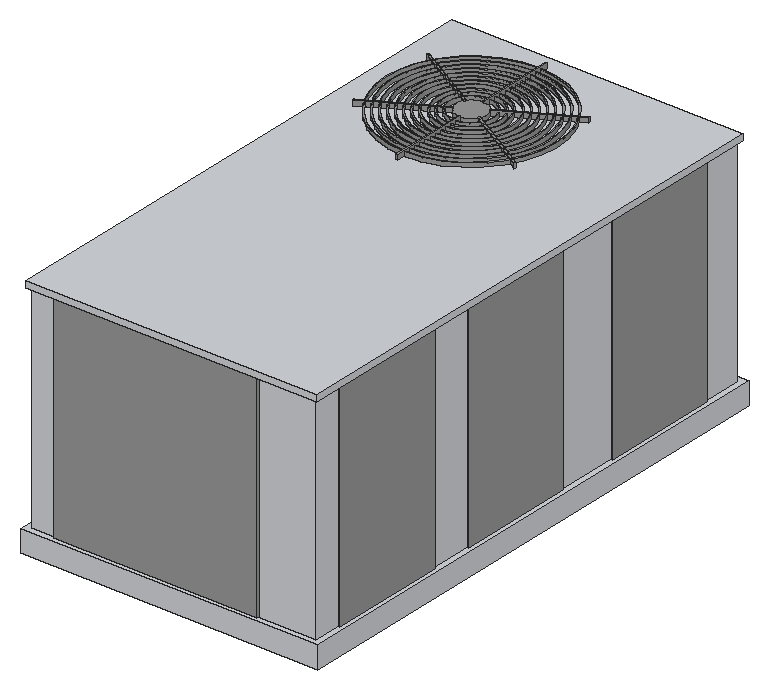
Revit family "RTU-2", category Generic Models, host Face, Revit 2025
Family settings
  Host = Face
  Can host rebar = No
  Round Connector Dimension = Use Diameter
  Part Type = Normal
  Cut with Voids When Loaded = No
  Maintain Annotation Orientation = No
  Shared = No
  Room Calculation Point = No
Parameters (values of type "LCH 072 H4E E 1Y")
  Width = 47"
  URL = "https://tech.lennoxintl.com/C03e7o14l/VIu12Ch2uV/ehb_lch_abox_2103.pdf"
  Model = "LCH 072 H4E E 1Y"
  Manufacturer = "LENNOX"
  Length = 85 1/4"
  Grill Material = Steel, Paint Finish, Dark Gray
  Default Elevation = 48"
Reference planes (in)
  plane 1 "Center (Front/Back)": y = 0
  plane 2: z = 0
  plane 3 "Center (Left/Right)": x = 0
  plane 4: x = -30.90625
  plane 5: x = -31.90625
  plane 6: x = -32.90625
  plane 7: x = -33.90625
  plane 8: x = -34.90625
  plane 9: x = -35.90625
  plane 10: x = -36.90625
  plane 11: x = -37.90625
  plane 12: x = -38.90625
  plane 13: x = -39.90625
  plane 14: x = -40.90625
  plane 15: x = -42.34375
  plane 16: x = -41.03125
  plane 17: x = -41.90625
  plane 18: x = -41.90567
  plane 19: y = 22.75058
  plane 20: y = 21.75058
  plane 21: y = 20.75058
  plane 22: y = 19.75058
  plane 23: y = 18.75058
  plane 24: y = 17.75058
  plane 25: y = 16.75058
  plane 26: y = 15.75058
  plane 27: y = 14.75058
  plane 28: y = 13.75058
  plane 29: y = 12.75058
  plane 30: y = 11.31308
  plane 31: y = 12.62558
  plane 32: y = 11.75058
  plane 33: y = 11.75117
  plane 34: through (-19.01548, 19.50279, 94.70355) normal (0.866, 0.5, 0)
  plane 35: through (-17.13782, 18.87558, 94.70355) normal (-0.866, -0.5, 0)
  plane 36: through (6.39048, 19.50279, 94.70355) normal (0.866, -0.5, 0)
  plane 37: through (4.51282, 18.87558, 94.70355) normal (-0.866, 0.5, 0)
  plane 38: y = 38.93808
  plane 39: y = 37.62558
  plane 40: through (-19.01548, 30.74838, 94.70355) normal (-0.866, 0.5, 0)
  plane 41: through (-17.13782, 31.37558, 94.70355) normal (0.866, -0.5, 0)
  plane 42: through (6.39048, 30.74838, 94.70355) normal (-0.866, -0.5, 0)
  plane 43: through (4.51282, 31.37558, 94.70355) normal (0.866, 0.5, 0)
  plane 44: through (-34.15405, 50.35923, 110.75) normal (0.5, -0.866, 0)
  plane 45: through (-34.78125, 48.48157, 110.75) normal (-0.5, 0.866, 0)
  plane 46: through (-34.15405, 24.95327, 110.75) normal (-0.5, -0.866, 0)
  plane 47: through (-34.78125, 26.83093, 110.75) normal (0.5, 0.866, 0)
  plane 48: x = -14.71875
  plane 49: x = -16.03125
  plane 50: through (-22.90845, 50.35923, 110.75) normal (0.5, 0.866, 0)
  plane 51: through (-22.28125, 48.48157, 110.75) normal (-0.5, -0.866, 0)
  plane 52: through (-22.90845, 24.95327, 110.75) normal (-0.5, 0.866, 0)
  plane 53: through (-22.28125, 26.83093, 110.75) normal (0.5, -0.866, 0)
  plane 54: y = 16.875
  plane 55: x = 14
  plane 56: y = -16.125
  plane 57: x = 16.875
Forms (in)
  Extrusion 1, solid
    sketch origin (0, 0, 0) x (1, 0, 0) y (0, 1, 0)
      loop
        line (-23.5, 42.625) -> (-23.5, -42.625) -> (23.5, -42.625) -> (23.5, 42.625) -> (-23.5, 42.625)
    from 0 to 3.5
  Extrusion 2, solid, material "Steel, Paint Finish, Dark Gray" <- "Grill Material", not visible
    sketch origin (0, 0, 54.625) x (1, 0, 0) y (0, 1, 0)
      loop
        circle (-28.53125, 37.65625) r 2.375
      loop
        circle (-28.53125, 37.65625) r 3.375
      loop
        circle (-28.53125, 37.65625) r 3.5
      loop
        circle (-28.53125, 37.65625) r 4.375
      loop
        circle (-28.53125, 37.65625) r 5.25
      loop
        circle (-28.53125, 37.65625) r 4.5
      loop
        circle (-28.53125, 37.65625) r 5.375
      loop
        circle (-28.53125, 37.65625) r 6.375
      loop
        circle (-28.53125, 37.65625) r 7.375
      loop
        circle (-28.53125, 37.65625) r 9.375
      loop
        circle (-28.53125, 37.65625) r 10.375
      loop
        circle (-28.53125, 37.65625) r 11.375
      loop
        circle (-28.53125, 37.65625) r 12.375
      loop
        circle (-28.53125, 37.65625) r 12.5
      loop
        circle (-28.53125, 37.65625) r 7.5
      loop
        circle (-28.53125, 37.65625) r 9.5
      loop
        circle (-28.53125, 37.65625) r 10.5
      loop
        circle (-28.53125, 37.65625) r 11.5
      loop
        circle (-28.53125, 37.65625) r 8.375
      loop
        circle (-28.53125, 37.65625) r 8.5
      loop
        circle (-28.53125, 37.65625) r 6.5
      loop
        circle (-28.53125, 37.65625) r 13.375
      loop
        circle (-28.53125, 37.65625) r 13.5
    from 0 to 0.625
  Extrusion 3, solid, material "Steel, Paint Finish, Dark Gray" <- "Grill Material", not visible
    sketch origin (0, 0, 55.75) x (1, 0, 0) y (0, 1, 0)
      loop
        line (-43.28067, 37.78125) -> (-43.28067, 37.53125) -> (-30.90296, 37.53125)
        arc (-30.90296, 37.53125) -> (-30.90543, 37.59373) -> (-30.90625, 37.65625) r 2.375
        arc (-30.90625, 37.65625) -> (-30.90543, 37.71877) -> (-30.90296, 37.78125) r 2.375
        line (-30.90296, 37.78125) -> (-43.28067, 37.78125)
    from -1.125 to -0.3427
  Extrusion 4, solid, material "Steel, Paint Finish, Dark Gray" <- "Grill Material"
    sketch origin (31.34375, 53.65683, 38.57855) x (0, 1, 0) y (-1, 0, 0)
      loop
        circle (-28.53125, 37.65625) r 2.375
      loop
        circle (-28.53125, 37.65625) r 3.375
      loop
        circle (-28.53125, 37.65625) r 3.5
      loop
        circle (-28.53125, 37.65625) r 4.375
      loop
        circle (-28.53125, 37.65625) r 5.25
      loop
        circle (-28.53125, 37.65625) r 4.5
      loop
        circle (-28.53125, 37.65625) r 5.375
      loop
        circle (-28.53125, 37.65625) r 6.375
      loop
        circle (-28.53125, 37.65625) r 7.375
      loop
        circle (-28.53125, 37.65625) r 9.375
      loop
        circle (-28.53125, 37.65625) r 10.375
      loop
        circle (-28.53125, 37.65625) r 11.375
      loop
        circle (-28.53125, 37.65625) r 12.375
      loop
        circle (-28.53125, 37.65625) r 12.5
      loop
        circle (-28.53125, 37.65625) r 7.5
      loop
        circle (-28.53125, 37.65625) r 9.5
      loop
        circle (-28.53125, 37.65625) r 10.5
      loop
        circle (-28.53125, 37.65625) r 11.5
      loop
        circle (-28.53125, 37.65625) r 8.375
      loop
        circle (-28.53125, 37.65625) r 8.5
      loop
        circle (-28.53125, 37.65625) r 6.5
      loop
        circle (-28.53125, 37.65625) r 13.375
      loop
        circle (-28.53125, 37.65625) r 13.5
    from 0 to 0.625
  Extrusion 5, solid, material "Steel, Paint Finish, Dark Gray" <- "Grill Material"
    sketch origin (31.34375, 53.65683, 39.70355) x (0, 1, 0) y (-1, 0, 0)
      loop
        line (-43.28067, 37.78125) -> (-43.28067, 37.53125) -> (-30.90296, 37.53125)
        arc (-30.90296, 37.53125) -> (-30.90543, 37.59373) -> (-30.90625, 37.65625) r 2.375
        arc (-30.90625, 37.65625) -> (-30.90543, 37.71877) -> (-30.90296, 37.78125) r 2.375
        line (-30.90296, 37.78125) -> (-43.28067, 37.78125)
    from -1.125 to -0.3427
  Extrusion 6, solid, material "Steel, Paint Finish, Dark Gray" <- "Grill Material"
    sketch origin (37.22441, 6.77994, 39.70355) x (0.866025, 0.5, 0) y (-0.5, 0.866025, 0)
      loop
        line (-43.28067, 37.78125) -> (-43.28067, 37.53125) -> (-30.90296, 37.53125)
        arc (-30.90296, 37.53125) -> (-30.90543, 37.59373) -> (-30.90625, 37.65625) r 2.375
        arc (-30.90625, 37.65625) -> (-30.90543, 37.71877) -> (-30.90296, 37.78125) r 2.375
        line (-30.90296, 37.78125) -> (-43.28067, 37.78125)
    from -1.125 to -0.3427
  Extrusion 7, solid, material "Steel, Paint Finish, Dark Gray" <- "Grill Material"
    sketch origin (-49.84941, 6.77994, 39.70355) x (-0.866025, 0.5, 0) y (-0.5, -0.866025, 0)
      loop
        line (-43.28067, -37.78125) -> (-30.90296, -37.78125)
        arc (-30.90296, -37.78125) -> (-30.90543, -37.71877) -> (-30.90625, -37.65625) r 2.375
        arc (-30.90625, -37.65625) -> (-30.90543, -37.59373) -> (-30.90296, -37.53125) r 2.375
        line (-30.90296, -37.53125) -> (-43.28067, -37.53125) -> (-43.28067, -37.78125)
    from -1.125 to -0.3427
  Extrusion 8, solid, material "Steel, Paint Finish, Dark Gray" <- "Grill Material"
    sketch origin (31.34375, -3.40567, 39.70355) x (0, -1, 0) y (1, 0, 0)
      loop
        line (-43.28067, -37.78125) -> (-30.90296, -37.78125)
        arc (-30.90296, -37.78125) -> (-30.90543, -37.71877) -> (-30.90625, -37.65625) r 2.375
        arc (-30.90625, -37.65625) -> (-30.90543, -37.59373) -> (-30.90296, -37.53125) r 2.375
        line (-30.90296, -37.53125) -> (-43.28067, -37.53125) -> (-43.28067, -37.78125)
    from -1.125 to -0.3427
  Extrusion 9, solid, material "Steel, Paint Finish, Dark Gray" <- "Grill Material"
    sketch origin (37.22441, 43.47123, 39.70355) x (0.866025, -0.5, 0) y (0.5, 0.866025, 0)
      loop
        line (-43.28067, -37.78125) -> (-30.90296, -37.78125)
        arc (-30.90296, -37.78125) -> (-30.90543, -37.71877) -> (-30.90625, -37.65625) r 2.375
        arc (-30.90625, -37.65625) -> (-30.90543, -37.59373) -> (-30.90296, -37.53125) r 2.375
        line (-30.90296, -37.53125) -> (-43.28067, -37.53125) -> (-43.28067, -37.78125)
    from -1.125 to -0.3427
  Extrusion 10, solid, material "Steel, Paint Finish, Dark Gray" <- "Grill Material"
    sketch origin (-49.84941, 43.47123, 39.70355) x (-0.866025, -0.5, 0) y (0.5, -0.866025, 0)
      loop
        line (-43.28067, 37.78125) -> (-43.28067, 37.53125) -> (-30.90296, 37.53125)
        arc (-30.90296, 37.53125) -> (-30.90543, 37.59373) -> (-30.90625, 37.65625) r 2.375
        arc (-30.90625, 37.65625) -> (-30.90543, 37.71877) -> (-30.90296, 37.78125) r 2.375
        line (-30.90296, 37.78125) -> (-43.28067, 37.78125)
    from -1.125 to -0.3427
  Extrusion 11, solid, material "Steel, Paint Finish, Dark Gray" <- "Grill Material", not visible
    sketch origin (-46.87689, -5.88066, 55.75) x (0.5, -0.866025, 0) y (0.866025, 0.5, 0)
      loop
        line (-43.28067, 37.78125) -> (-43.28067, 37.53125) -> (-30.90296, 37.53125)
        arc (-30.90296, 37.53125) -> (-30.90543, 37.59373) -> (-30.90625, 37.65625) r 2.375
        arc (-30.90625, 37.65625) -> (-30.90543, 37.71877) -> (-30.90296, 37.78125) r 2.375
        line (-30.90296, 37.78125) -> (-43.28067, 37.78125)
    from -1.125 to -0.3427
  Extrusion 12, solid, material "Steel, Paint Finish, Dark Gray" <- "Grill Material", not visible
    sketch origin (-46.87689, 81.19316, 55.75) x (0.5, 0.866025, 0) y (-0.866025, 0.5, 0)
      loop
        line (-43.28067, -37.78125) -> (-30.90296, -37.78125)
        arc (-30.90296, -37.78125) -> (-30.90543, -37.71877) -> (-30.90625, -37.65625) r 2.375
        arc (-30.90625, -37.65625) -> (-30.90543, -37.59373) -> (-30.90296, -37.53125) r 2.375
        line (-30.90296, -37.53125) -> (-43.28067, -37.53125) -> (-43.28067, -37.78125)
    from -1.125 to -0.3427
  Extrusion 13, solid, material "Steel, Paint Finish, Dark Gray" <- "Grill Material", not visible
    sketch origin (-57.0625, 0, 55.75) x (-1, 0, 0) y (0, -1, 0)
      loop
        line (-43.28067, -37.78125) -> (-30.90296, -37.78125)
        arc (-30.90296, -37.78125) -> (-30.90543, -37.71877) -> (-30.90625, -37.65625) r 2.375
        arc (-30.90625, -37.65625) -> (-30.90543, -37.59373) -> (-30.90296, -37.53125) r 2.375
        line (-30.90296, -37.53125) -> (-43.28067, -37.53125) -> (-43.28067, -37.78125)
    from -1.125 to -0.3427
  Extrusion 14, solid, material "Steel, Paint Finish, Dark Gray" <- "Grill Material", not visible
    sketch origin (-10.18561, -5.88066, 55.75) x (-0.5, -0.866025, 0) y (0.866025, -0.5, 0)
      loop
        line (-43.28067, -37.78125) -> (-30.90296, -37.78125)
        arc (-30.90296, -37.78125) -> (-30.90543, -37.71877) -> (-30.90625, -37.65625) r 2.375
        arc (-30.90625, -37.65625) -> (-30.90543, -37.59373) -> (-30.90296, -37.53125) r 2.375
        line (-30.90296, -37.53125) -> (-43.28067, -37.53125) -> (-43.28067, -37.78125)
    from -1.125 to -0.3427
  Extrusion 15, solid, material "Steel, Paint Finish, Dark Gray" <- "Grill Material", not visible
    sketch origin (-10.18561, 81.19316, 55.75) x (-0.5, 0.866025, 0) y (-0.866025, -0.5, 0)
      loop
        line (-43.28067, 37.78125) -> (-43.28067, 37.53125) -> (-30.90296, 37.53125)
        arc (-30.90296, 37.53125) -> (-30.90543, 37.59373) -> (-30.90625, 37.65625) r 2.375
        arc (-30.90625, 37.65625) -> (-30.90543, 37.71877) -> (-30.90296, 37.78125) r 2.375
        line (-30.90296, 37.78125) -> (-43.28067, 37.78125)
    from -1.125 to -0.3427
  Extrusion 16, solid
    sketch origin (0, 0, 0) x (1, 0, 0) y (0, 1, 0)
      loop
        line (-22.5, 41.625) -> (-22.5, -41.625) -> (22.5, -41.625) -> (22.5, 41.625) -> (-22.5, 41.625)
    from 3.5 to 37.57855
  Extrusion 17, void
    sketch origin (0, 0, 0) x (1, 0, 0) y (0, 1, 0)
      loop
        line (-18.5, 8.25) -> (-18.5, -9.75) -> (1.5, -9.75) -> (1.5, 8.25) -> (-18.5, 8.25)
      loop
        line (-16.5, -26) -> (-16.5, -37) -> (12.5, -37) -> (12.5, -26) -> (-16.5, -26)
      loop
        arc (13.5, 20.875) -> (12.79289, 20.58211) -> (12.5, 19.875) r 1
        line (12.5, 19.875) -> (12.5, 13.875)
        arc (12.5, 13.875) -> (12.79289, 13.16789) -> (13.5, 12.875) r 1
        line (13.5, 12.875) -> (14.5, 12.875)
        arc (14.5, 12.875) -> (15.20711, 13.16789) -> (15.5, 13.875) r 1
        line (15.5, 13.875) -> (15.5, 19.875)
        arc (15.5, 19.875) -> (15.20711, 20.58211) -> (14.5, 20.875) r 1
        line (14.5, 20.875) -> (13.5, 20.875)
      loop
        circle (16.875, -16.125) r 1
    from 0 to 3.5
  Extrusion 18, solid
    sketch origin (0, 0, 0) x (1, 0, 0) y (0, 1, 0)
      loop
        line (-23, 42.125) -> (-23, -42.125) -> (23, -42.125) -> (23, 42.125) -> (-23, 42.125)
    from 37.57855 to 38.57855
  Extrusion 19, void
    sketch origin (0, 0, 0) x (0, 1, 0) y (0, 0, 1)
      loop
        line (39.875, 37.57855) -> (10.37617, 37.57855) -> (10.37617, 3.5) -> (39.875, 3.5) -> (39.875, 37.57855)
    from -23.5 to -21.24899
Cuts and joins
  Extrusion 17, Extrusion 19 cuts Extrusion 1
  Extrusion 17, Extrusion 19 cuts Extrusion 16
  Extrusion 19 cuts Extrusion 18
Dimensions and locks (in)
  equal spacing: Extrusion 1 sketch curve, plane 1 "Center (Front/Back)", Extrusion 1 sketch curve
  equal spacing: Extrusion 1 sketch curve, plane 3 "Center (Left/Right)", Extrusion 1 sketch curve
  "Width": Extrusion 1 sketch curve to Extrusion 1 sketch curve
  "Length": Extrusion 1 sketch curve to Extrusion 1 sketch curve
  Extrusion 1 to Extrusion 17 sketch curve = 5 5/8"
  Extrusion 1 to Extrusion 17 sketch curve = 7"
  Extrusion 1 to Extrusion 17 sketch curve = 5"
  Extrusion 1 to plane 54 = 25 3/4"
  plane 55 to Extrusion 1 = 9 1/2"
  plane 57 to Extrusion 1 = 6 5/8"
  plane 56 to Extrusion 1 = 26 1/2"
  nested 5 to level = 5 1/2"
  nested 5 to Extrusion 18 = 2"
  nested 6 to nested 5 = 18 3/8"
  aligned and locked: plane 2 to host face
  aligned and locked: level to host face
Automatic sketch dimensions
  host sketch curve to host sketch curve = 96"  (x2)
  Extrusion 4 sketch curve to Extrusion 4 sketch curve = 0"  (x297)
  Extrusion 5 sketch curve to Extrusion 5 sketch curve = 2.37171"
  Extrusion 6 sketch curve to Extrusion 6 sketch curve = 2.37171"
  Extrusion 6 sketch curve to plane 34 = 0.93692"
  Extrusion 7 sketch curve to Extrusion 7 sketch curve = 2.37171"
  Extrusion 7 sketch curve to Extrusion 7 sketch curve = 0"  (x3)
  Extrusion 7 sketch curve to plane 36 = 0.93692"
  Extrusion 7 sketch curve to Extrusion 7 sketch curve = 1/8"
  Extrusion 8 sketch curve to Extrusion 8 sketch curve = 2.37171"
  Extrusion 8 sketch curve to plane 38 = 0.93692"
  Extrusion 9 sketch curve to Extrusion 9 sketch curve = 2.37171"
  Extrusion 9 sketch curve to Extrusion 9 sketch curve = 0"  (x3)
  Extrusion 9 sketch curve to plane 40 = 0.93692"
  Extrusion 9 sketch curve to Extrusion 9 sketch curve = 1/8"
  Extrusion 10 sketch curve to Extrusion 10 sketch curve = 2.37171"
  Extrusion 10 sketch curve to plane 42 = 0.93692"
  Extrusion 2 sketch curve to Extrusion 2 sketch curve = 0"  (x297)
  Extrusion 3 sketch curve to Extrusion 3 sketch curve = 2.37171"
  Extrusion 4 sketch curve to plane 19 = 2 3/8"
  Extrusion 5 sketch curve to Extrusion 5 sketch curve = 0"  (x3)
  Extrusion 5 sketch curve to plane 31 = 10.12829"
  Extrusion 6 sketch curve to Extrusion 6 sketch curve = 0"  (x3)
  Extrusion 6 sketch curve to plane 35 = 10.12829"
  Extrusion 6 sketch curve to Extrusion 6 sketch curve = 1/8"
  Extrusion 7 sketch curve to plane 37 = 10.12829"
  Extrusion 8 sketch curve to Extrusion 8 sketch curve = 0"  (x4)
  Extrusion 8 sketch curve to plane 39 = 10.12829"
  Extrusion 9 sketch curve to plane 41 = 10.12829"
  Extrusion 10 sketch curve to Extrusion 10 sketch curve = 0"  (x3)
  Extrusion 10 sketch curve to plane 43 = 10.12829"
  Extrusion 10 sketch curve to Extrusion 10 sketch curve = 1/8"
  Extrusion 5 sketch curve to plane 30 = 0.93692"
  Extrusion 5 sketch curve to Extrusion 5 sketch curve = 1/8"
  plane 33 to Extrusion 6 sketch curve = 5.89145"
  plane 33 to Extrusion 7 sketch curve = 12.29681"
  Extrusion 8 sketch curve to Extrusion 8 sketch curve = 1/8"
  plane 33 to Extrusion 9 sketch curve = 14.45202"
  plane 33 to Extrusion 10 sketch curve = 20.85738"
  Extrusion 2 sketch curve to plane 4 = 2 3/8"
  Extrusion 3 sketch curve to Extrusion 3 sketch curve = 0"  (x3)
  Extrusion 3 sketch curve to plane 16 = 10.12829"
  Extrusion 11 sketch curve to Extrusion 11 sketch curve = 0"  (x3)
  Extrusion 11 sketch curve to plane 45 = 10.12829"
  Extrusion 11 sketch curve to Extrusion 11 sketch curve = 1/8"
  Extrusion 12 sketch curve to Extrusion 12 sketch curve = 0"  (x2)
  Extrusion 12 sketch curve to plane 47 = 10.12829"
  Extrusion 13 sketch curve to Extrusion 13 sketch curve = 0"  (x4)
  Extrusion 13 sketch curve to plane 49 = 10.12829"
  Extrusion 14 sketch curve to Extrusion 14 sketch curve = 0"  (x2)
  Extrusion 14 sketch curve to plane 51 = 10.12829"
  Extrusion 15 sketch curve to Extrusion 15 sketch curve = 0"  (x3)
  Extrusion 15 sketch curve to plane 53 = 10.12829"
  Extrusion 15 sketch curve to Extrusion 15 sketch curve = 1/8"
  Extrusion 3 sketch curve to plane 15 = 0.93692"
  Extrusion 3 sketch curve to Extrusion 3 sketch curve = 1/8"
  plane 18 to Extrusion 11 sketch curve = 5.89145"
  plane 18 to Extrusion 12 sketch curve = 12.29681"
  Extrusion 13 sketch curve to Extrusion 13 sketch curve = 1/8"
  plane 18 to Extrusion 14 sketch curve = 14.45202"
  plane 18 to Extrusion 15 sketch curve = 20.85738"
  Extrusion 16 sketch curve to plane 3 "Center (Left/Right)" = 22 1/2"
  plane 3 "Center (Left/Right)" to Extrusion 16 sketch curve = 22 1/2"
  plane 1 "Center (Front/Back)" to Extrusion 16 sketch curve = 41 5/8"
  plane 33 to Extrusion 16 sketch curve = 29.87383"
  Extrusion 17 sketch curve to plane 56 = 0"
  Extrusion 17 sketch curve to plane 57 = 0"
  plane 3 "Center (Left/Right)" to Extrusion 17 sketch curve = 1 1/2"
  Extrusion 17 sketch curve to plane 55 = 1 1/2"  (x2)
  Extrusion 17 sketch curve to plane 55 = 1/2"  (x2)
  plane 55 to Extrusion 17 sketch curve = 1/2"  (x2)
  Extrusion 17 sketch curve to Extrusion 17 sketch curve = 1"
  Extrusion 17 sketch curve to plane 56 = 9 7/8"
  plane 56 to Extrusion 17 sketch curve = 6 3/8"
  Extrusion 17 sketch curve to plane 33 = 3.50117"
  plane 33 to Extrusion 17 sketch curve = 1.12383"
  plane 54 to Extrusion 17 sketch curve = 3"
  Extrusion 18 sketch curve to plane 3 "Center (Left/Right)" = 23"
  plane 3 "Center (Left/Right)" to Extrusion 18 sketch curve = 23"
  plane 1 "Center (Front/Back)" to Extrusion 18 sketch curve = 42 1/8"
  plane 33 to Extrusion 18 sketch curve = 30.37383"
  Extrusion 19 sketch curve to plane 33 = 1 3/8"
  level to Extrusion 19 sketch curve = 3 1/2"
  plane 33 to Extrusion 19 sketch curve = 28.12383"
  Extrusion 19 sketch curve to Extrusion 19 sketch curve = 34.07855"
  radius of Extrusion 4 sketch curve = 2 3/8"
  radius of Extrusion 4 sketch curve = 3 3/8"
  radius of Extrusion 4 sketch curve = 3 1/2"
  radius of Extrusion 4 sketch curve = 4 3/8"
  radius of Extrusion 4 sketch curve = 5 1/4"
  radius of Extrusion 4 sketch curve = 4 1/2"
  radius of Extrusion 4 sketch curve = 5 3/8"
  radius of Extrusion 4 sketch curve = 6 3/8"
  radius of Extrusion 4 sketch curve = 7 3/8"
  radius of Extrusion 4 sketch curve = 9 3/8"
  radius of Extrusion 4 sketch curve = 10 3/8"
  radius of Extrusion 4 sketch curve = 11 3/8"
  radius of Extrusion 4 sketch curve = 12 3/8"
  radius of Extrusion 4 sketch curve = 12 1/2"
  radius of Extrusion 4 sketch curve = 7 1/2"
  radius of Extrusion 4 sketch curve = 9 1/2"
  radius of Extrusion 4 sketch curve = 10 1/2"
  radius of Extrusion 4 sketch curve = 11 1/2"
  radius of Extrusion 4 sketch curve = 8 3/8"
  radius of Extrusion 4 sketch curve = 8 1/2"
  radius of Extrusion 4 sketch curve = 6 1/2"
  radius of Extrusion 4 sketch curve = 13 3/8"
  radius of Extrusion 4 sketch curve = 13 1/2"
  radius of Extrusion 2 sketch curve = 2 3/8"
  radius of Extrusion 2 sketch curve = 3 3/8"
  radius of Extrusion 2 sketch curve = 3 1/2"
  radius of Extrusion 2 sketch curve = 4 3/8"
  radius of Extrusion 2 sketch curve = 5 1/4"
  radius of Extrusion 2 sketch curve = 4 1/2"
  radius of Extrusion 2 sketch curve = 5 3/8"
  radius of Extrusion 2 sketch curve = 6 3/8"
  radius of Extrusion 2 sketch curve = 7 3/8"
  radius of Extrusion 2 sketch curve = 9 3/8"
  radius of Extrusion 2 sketch curve = 10 3/8"
  radius of Extrusion 2 sketch curve = 11 3/8"
  radius of Extrusion 2 sketch curve = 12 3/8"
  radius of Extrusion 2 sketch curve = 12 1/2"
  radius of Extrusion 2 sketch curve = 7 1/2"
  radius of Extrusion 2 sketch curve = 9 1/2"
  radius of Extrusion 2 sketch curve = 10 1/2"
  radius of Extrusion 2 sketch curve = 11 1/2"
  radius of Extrusion 2 sketch curve = 8 3/8"
  radius of Extrusion 2 sketch curve = 8 1/2"
  radius of Extrusion 2 sketch curve = 6 1/2"
  radius of Extrusion 2 sketch curve = 13 3/8"
  radius of Extrusion 2 sketch curve = 13 1/2"
  radius of Extrusion 17 sketch curve = 1"
Nested families (in)
  nested 1: "Panel" at (22.5, -27.875, 20.53928) x (0, 1, 0) z (1, 0, 0), type "Panel"
    with Width 18 3/4", Length 34.07855"
  nested 2: "Panel" at (22.5, -2.4375, 20.53928) x (0, 1, 0) z (1, 0, 0), type "Panel"
    with Width 18 3/4", Length 34.07855"
  nested 3: "Panel" at (22.5, 26.0625, 20.53928) x (0, 1, 0) z (1, 0, 0), type "Panel"
    with Width 18 3/4", Length 34.07855"
  nested 4: "Panel" at (-2.71875, -41.625, 20.53928) x (-1, 0, 0) z (0, -1, 0), type "Panel"
    with Width 32 3/16", Length 34.07855"
  nested 5: "Panel" at (-22.5, -34.625, 20) x (0, 1, 0) z (-1, 0, 0), type "Panel"
    with Width 11", Length 29"
  nested 6: "Panel" at (-22.5, -1, 15.5) x (0, 1, 0) z (-1, 0, 0), type "Panel"
    with Width 19 1/2", Length 20"
Definition of nested family "Panel"
  Parameters (values of type "Panel")
    Width [instance] = 21 9/16"
    Material = none
    Length [instance] = 49 7/16"
    Default Elevation = 48"
  Reference planes (in)
    plane 1 "Center (Front/Back)": y = 0
    plane 2: z = 0
    plane 3 "Center (Left/Right)": x = 0
    plane 4: z = 0.25
    plane 5: x = -10.78125
    plane 6: x = 10.78125
    plane 7: y = 24.71875
    plane 8: y = -24.71875
  Forms (in)
    Extrusion 1, solid
      sketch origin (0, 0, 0) x (1, 0, 0) y (0, 1, 0)
        loop
          line (-48, 48) -> (-48, -48) -> (48, -48) -> (48, 48) -> (-48, 48)
      from 0 to -12
    Extrusion 2, solid, material <- "Material"
      sketch origin (0, 0, 0) x (1, 0, 0) y (0, 1, 0)
        loop
          line (-10.78125, 24.71875) -> (-10.78125, -24.71875) -> (10.78125, -24.71875) -> (10.78125, 24.71875) -> (-10.78125, 24.71875)
      from 0 to 0.25
  Dimensions and locks (in)
    plane 4 to plane 2 = 1/4"
    equal spacing: plane 5, plane 3 "Center (Left/Right)", plane 6
    equal spacing: plane 7, plane 1 "Center (Front/Back)", plane 8
    "Length": plane 7 to plane 8
    "Width": plane 5 to plane 6
    aligned and locked: plane 2 to Extrusion 1
    aligned and locked: level to Extrusion 1
    aligned and locked: plane 4 to Extrusion 2
    aligned and locked: Extrusion 2 to plane 6
    aligned and locked: Extrusion 2 to plane 5
    aligned and locked: plane 8 to Extrusion 2
    aligned and locked: plane 7 to Extrusion 2
  Automatic sketch dimensions
    Extrusion 1 sketch curve to Extrusion 1 sketch curve = 96"  (x2)
    plane 5 to Extrusion 2 sketch curve = 0"
    Extrusion 2 sketch curve to plane 6 = 0"
    plane 1 "Center (Front/Back)" to Extrusion 2 sketch curve = 24 23/32"
    Extrusion 2 sketch curve to plane 1 "Center (Front/Back)" = 24 23/32"
